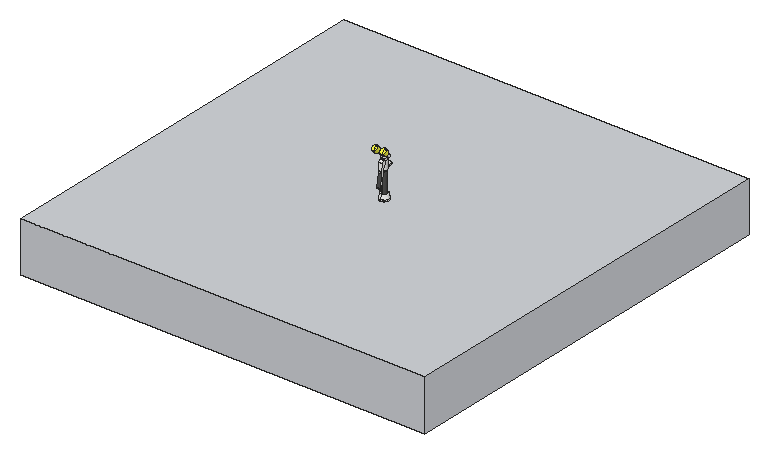
Revit family
Parameters (values of type "S0706")
  Waste Connection = no
  WFU = 0
  Voltage = 0
  Vent Connection = no
  URL = "http://www.acorneng.com"
  Type Comments = ""
  Tempered Water Connection = no
  TMV8 - Thermostatic mixing valve is ASSE Listed per the ASSE 1071 standard. The tepid output water complies with ANSI Z358.1 standard. = no
  SSH - 8 foot flexible stainless steel hose = no
  SDC - Stainless steel dust covers = no
  S0706 = no
  Revised Date = "07/22/13"
  Phone# = "626-336-4561"
  Model = "S0706"
  Material = Chrome Plated
  Manufacturer = "Acorn Safety"
  IWH2 - Instantaneous water heater - 240 volts = no
  IWH1 - Instantaneous water heater - 208 volts = no
  HWFU = 0
  HW Connection = no
  HG - Under counter hose guide to prevent the hose from tangling = no
  Designed By = "ATS BIM Team"
  Description = "Deck Mounted, Stay-Open Eyewash & Drench Hose"
  Default Elevation = 34"
  CWFU = 0
  CW Connection = no
  BFP - Back flow preventer, double check valve with vent to atmosphere = no
  Assembly Code = ""
  Amperage = 0
Reference planes (in)
  plane 1 "Center (Front/Back)": y = 0
  plane 2: z = 0
  plane 3 "Center (Left/Right)": x = 0
  plane 4: z = 11.5
  plane 5: z = -2.75
  plane 6: y = -1.0625
  plane 7: y = 1.0625
  plane 8: y = -1.5625
  plane 9: y = 1.5625
  plane 10: x = -3
Forms (in)
  Extrusion 1, solid
    sketch origin (0, 0, 0) x (1, 0, 0) y (0, 1, 0)
      loop
        line (-48, 48) -> (-48, -48) -> (48, -48) -> (48, 48) -> (-48, 48)
    from 0 to -12
  Revolve 2, solid, material "Chrome Plated" <- "Material"
    sketch origin (-1, -1.08894, 4.40109) x (0, 1, 0) y (0, 0, 1)
      loop
        line (-0.44898, 6.64148) -> (0.78206, 5.41043) -> (0.95998, 5.58835) -> (0.82492, 5.72341) -> (0.67959, 5.93096) -> (0.51458, 6.59277) -> (0.00844, 7.09891) -> (-0.44898, 6.64148)
      axis (0.78206, 5.41043) -> (-0.44898, 6.64148)
    angle from 0 to 360
  Revolve 3, solid, material "Chrome Plated" <- "Material"
    sketch origin (0, -4, 0) x (0, 1, 0) y (0, 0, 1)
      loop
        line (3.1875, 0) -> (3.1875, -1.48919) -> (3.2425, -1.48919) -> (3.36234, -1.5213) -> (3.3125, -1.53465) -> (3.36234, -1.54801) -> (3.3125, -1.56136) -> (3.36234, -1.57472) -> (3.3125, -1.58808) -> (3.36234, -1.60143) -> (3.3125, -1.61479) -> (3.36234, -1.62814) -> (3.3125, -1.6415) -> (3.36234, -1.65485) -> (3.3125, -1.66821) -> (3.36234, -1.68156) -> (3.3125, -1.69492) -> (3.36234, -1.70827) -> (3.3125, -1.72163) -> (3.36234, -1.73499) -> (3.3125, -1.74834) -> (3.36234, -1.7617) -> (3.3125, -1.77505) -> (3.36234, -1.78841) -> (3.3125, -1.80176) -> (3.36234, -1.81512) -> (3.3125, -1.82847) -> (3.36234, -1.84183) -> (3.3125, -1.85518) -> (3.36234, -1.86854) -> (3.3125, -1.8819) -> (3.36234, -1.89525) -> (3.3125, -1.90861) -> (3.36234, -1.92196) -> (3.3125, -1.93532) -> (3.36234, -1.94867) -> (3.3125, -1.96203) -> (3.36234, -1.97538) -> (3.3125, -1.98874) -> (3.36234, -2.00209) -> (3.3125, -2.01545) -> (3.36234, -2.02881) -> (3.3125, -2.04216) -> (3.36234, -2.05552) -> (3.3125, -2.06887) -> (3.36234, -2.08223) -> (3.3125, -2.09558) -> (3.36234, -2.10894) -> (3.3125, -2.12229) -> (3.36234, -2.13565) -> (3.3125, -2.149) -> (3.36234, -2.16236) -> (3.3125, -2.17572) -> (3.36234, -2.18907) -> (3.3125, -2.20243) -> (3.36234, -2.21578) -> (3.3125, -2.22914) -> (3.36234, -2.24249) -> (3.3125, -2.25585) -> (3.36234, -2.2692) -> (3.3125, -2.28256) -> (3.36234, -2.29591) -> (3.3125, -2.30927) -> (3.36234, -2.32263) -> (3.3125, -2.33598) -> (3.36234, -2.34934) -> (3.3125, -2.36269) -> (3.36234, -2.37605) -> (3.3125, -2.3894) -> (3.36234, -2.40276) -> (3.3125, -2.41611) -> (3.36234, -2.42947) -> (3.3125, -2.44282) -> (3.36234, -2.45618) -> (3.3125, -2.46954) -> (3.36234, -2.48289) -> (3.3125, -2.49625) -> (3.36234, -2.5096) -> (3.3125, -2.52296) -> (3.36234, -2.53631) -> (3.3125, -2.54967) -> (3.36234, -2.56302) -> (3.3125, -2.57638) -> (3.36234, -2.58973) -> (3.3125, -2.60309) -> (3.36234, -2.61645) -> (3.3125, -2.6298) -> (3.36234, -2.64316) -> (3.3125, -2.65651) -> (3.36234, -2.66987) -> (3.3125, -2.68322) -> (3.36234, -2.69658) -> (3.3125, -2.70993) -> (3.36234, -2.72329) -> (3.3125, -2.73664) -> (3.36234, -2.75) -> (4, -2.75) -> (4, 10.16605)
        arc (4, 10.16605) -> (3.6975, 10.12718) -> (3.42993, 9.98082) r 0.82294
        line (3.42993, 9.98082) -> (3.42993, 8.98082) -> (3.80493, 8.98082) -> (3.80493, 8.85582) -> (3.66479, 8.85582) -> (3.66479, 8.60582) -> (3.60229, 8.60582) -> (3.60229, 8.321) -> (3.35229, 8.321) -> (3.35229, 6.42511) -> (3.60229, 6.42511) -> (3.60229, 6.21593) -> (3.53024, 6.21593) -> (3.53024, 5.96593) -> (3.44632, 5.96593) -> (3.44632, 1.21593) -> (3.19632, 1.21593) -> (2.95454, 0.31358)
        arc (2.95454, 0.31358) -> (2.94178, 0.24944) -> (2.9375, 0.18417) r 0.5
        line (2.9375, 0.18417) -> (2.9375, 0) -> (3.1875, 0)
      axis (4, 10.16605) -> (4, -2.75)
    angle from 0 to 360
  Sweep 4, solid, material "Chrome Plated" <- "Material"
    path origin (0, 0, 8.09216) x (0, 1, 0) y (0, 0, 1)
      loop
        line (0, -10.84216) -> (0, -13.84216)
        arc (0, -13.84216) -> (1, -14.84216) -> (2, -13.84216) r 1
        line (2, -13.84216) -> (2, -12.84216)
        arc (2, -12.84216) -> (2.29289, -12.13505) -> (3, -11.84216) r 1
        line (3, -11.84216) -> (5, -11.84216)
    profile origin (0, 0, -2.75) x (1, 0, 0) y (0, 1, 0)
      loop
        circle (0, -0.00088) r 0.1875
  Extrusion 5, solid, material "Chrome Plated" <- "Material"
    sketch origin (0.125, -2.03758, -0.06807) x (0, -0.939693, -0.34202) y (0, 0.34202, -0.939693)
      loop
        arc (-4.26906, -6.57129) -> (-4.77485, -6.73076) -> (-4.61537, -7.23655) r 0.375
        line (-4.61537, -7.23655) -> (-4.28722, -7.40737)
        arc (-4.28722, -7.40737) -> (-4.0013, -7.43239) -> (-3.78143, -7.2479) r 0.375
        line (-3.78143, -7.2479) -> (-2.92323, -5.5993) -> (-2.86926, -5.29323) -> (-1.41809, -2.50556)
        arc (-1.41809, -2.50556) -> (-1.44467, -2.42126) -> (-1.52897, -2.44784) r 0.0625
        line (-1.52897, -2.44784) -> (-2.98014, -5.23551) -> (-3.1999, -5.45528) -> (-3.76951, -6.54949)
        arc (-3.76951, -6.54949) -> (-3.91609, -6.67248) -> (-4.1067, -6.65581) r 0.25
        line (-4.1067, -6.65581) -> (-4.26906, -6.57129)
      loop
        circle (-4.44222, -6.90392) r 0.1875
    from -0.5625 to 0.3125
  Sweep 6, solid, material "Chrome Plated" <- "Material"
    path origin (0, 6.71751, 2.78713) x (1, 0, 0) y (0, -0.707107, 0.707107)
      loop
        line (-1, 11.5) -> (-1, 9.5) -> (1, 9.5) -> (1, 11.5)
    profile origin (0, 0, 9.50465) x (0, -0.707107, 0.707107) y (0, -0.707107, -0.707107)
      loop
        circle (0, 0) r 0.25
  Revolve 7, solid, material "Chrome Plated" <- "Material"
    sketch origin (1, -1.08894, 4.40109) x (0, 1, 0) y (0, 0, -1)
      loop
        line (-0.44898, -6.64148) -> (0.00844, -7.09891) -> (0.51458, -6.59277) -> (0.67959, -5.93096) -> (0.82492, -5.72341) -> (0.95998, -5.58835) -> (0.78206, -5.41043) -> (-0.44898, -6.64148)
      axis (0.78206, -5.41043) -> (-0.44898, -6.64148)
    angle from 0 to 360
  Extrusion 8, solid, material "Chrome Plated" <- "Material"
    sketch origin (0, 0, 0) x (1, 0, 0) y (0, 0, 1)
      loop
        circle (0, 6.92499) r 0.4375
    from 0 to -1.5625
Cuts and joins
  joined: Revolve 3, Extrusion 5, Sweep 6, Extrusion 8
Dimensions and locks (in)
  plane 6 to plane 7 = 2 1/8"
  plane 8 to plane 9 = 3 1/8"
  plane 4 to plane 2 = 11 1/2"
  plane 5 to plane 2 = 2 3/4"
  aligned and locked: plane 2 to Extrusion 1
  aligned and locked: level to Extrusion 1
Connectors (in)
  piping at (0, 5, -3.75088)
    settings: on Sweep 4, index 1
